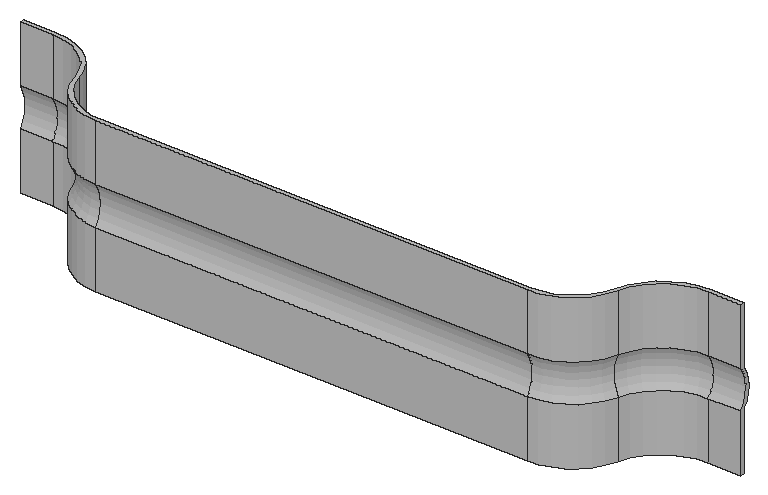
Revit family "Specialty_Equipment-Metal_Raceway-Hubbell_Wiring-By_Pass_Divider-HBL4750BP", category Specialty Equipment, host Face, Revit 2015
Parameters (values of type "HBL4750BP")
  URL = "http://www.hubbell-wiring.com/"
  Product data url = "https://bimobject.com/hubbellwiring/product/hubbell-metal-raceway-hbl4750"
  Product Page URL = "http://ecatalog.hubbell-wiring.com/ProductInformation/ViewCatalog.aspx?Dest=hubbell-wiring.com/press/catalog/o.pdf&Page=21"
  Product Documentation Link = "http://www.hubbell-wiring.com/press/pdfs/h5233r08.pdf"
  Model = "HBL4750BP"
  Manufacturer = "Hubbell-Wiring"  # constant formula
  Host Note = "Add in Plan View; Host to Wall"  # constant formula
  Description = "By Pass Divider"  # constant formula
  Default Elevation = 0' - 0"
  Cable Tray Material = Metal-Hubbell-Painted Steel
  Assembly Code = "D5090900"
Reference planes (in)
  plane 1 "Center (Front/Back)": y = 0
  plane 2: z = 0
  plane 3 "Left": x = 0
  plane 4 "Right": x = 7.12109
  plane 5: z = 0.053
Forms (in)
  Sweep 1, solid, material "Metal-Hubbell-Painted Steel" <- "Cable Tray Material"
    path in 3D
      loop
        line (0, 0, 0) -> (0.31759, 0, 0)
        arc (0.31759, 0, 0) -> (0.67892, -0.12212, 0) -> (0.89208, -0.4384, 0) r 0.59562
        arc (0.89208, -0.4384, 0) -> (1.09088, -0.73337, 0) -> (1.42787, -0.84726, 0) r 0.55548
        line (1.42787, -0.84726, 0) -> (5.68798, -0.84726, 0)
        arc (5.68798, -0.84726, 0) -> (6.02496, -0.73337, 0) -> (6.22376, -0.4384, 0) r 0.55548
        arc (6.22376, -0.4384, 0) -> (6.43692, -0.12212, 0) -> (6.79825, 0, 0) r 0.59562
        line (6.79825, 0, 0) -> (7.12109, 0, 0)
    profile origin (0.15879, 0, 0) x (0, 1, 0) y (0, 0, 1)
      loop
        arc (-0.02, 0.99798) -> (0.03649, 0.81) -> (-0.02, 0.62202) r 0.34099
        line (-0.02, 0.62202) -> (-0.02, 0.053) -> (0.02, 0.053) -> (0.02, 0.63224)
        arc (0.02, 0.63224) -> (0.07097, 0.81) -> (0.02, 0.98776) r 0.33546
        line (0.02, 0.98776) -> (0.02, 1.567) -> (-0.02, 1.567) -> (-0.02, 0.99798)
Lines and regions (in)
  Masking region 1
    outline origin (0, 0, 0) x (1, 0, 0) y (0, 0, 1)
      loop
        line (0, 1.567) -> (0, 0.053) -> (7.12109, 0.053) -> (7.12109, 1.567) -> (0, 1.567)
  sketch lines
    curve 1: line (0, 0, 0) -> (0.31759, 0, 0)
    curve 2: arc (0.89208, -0.4384, 0) -> (0.67892, -0.12212, 0) -> (0.31759, 0, 0) r 0.59562
    curve 3: arc (1.42787, -0.84726, 0) -> (1.09088, -0.73337, 0) -> (0.89208, -0.4384, 0) r 0.55548
    curve 4: line (1.42787, -0.84726, 0) -> (5.68798, -0.84726, 0)
    curve 5: arc (5.68798, -0.84726, 0) -> (6.02496, -0.73337, 0) -> (6.22376, -0.4384, 0) r 0.55548
    curve 6: arc (6.22376, -0.4384, 0) -> (6.43692, -0.12212, 0) -> (6.79825, 0, 0) r 0.59562
    curve 7: line (7.12109, 0, 0) -> (6.79825, 0, 0)
Dimensions and locks (in)
  locked: plane 3 "Left" to plane 4 "Right" at 7.12109
  locked: plane 5 to host face at 0.053
  locked: Sweep 1 to plane 1 "Center (Front/Back)" at 0.02
  locked: plane 1 "Center (Front/Back)" to Sweep 1 at 0.02
  locked: Sweep 1 to host face at 1.567
  locked: plane 4 "Right" to plane 3 "Left" at 7.12109
  aligned and locked: host face to plane 2
  aligned and locked: level to host face
  aligned and locked: plane 3 "Left" to Sweep 1
  aligned and locked: plane 4 "Right" to Sweep 1
  aligned and locked: Masking region 1 to plane 3 "Left"
  aligned and locked: plane 4 "Right" to Masking region 1
